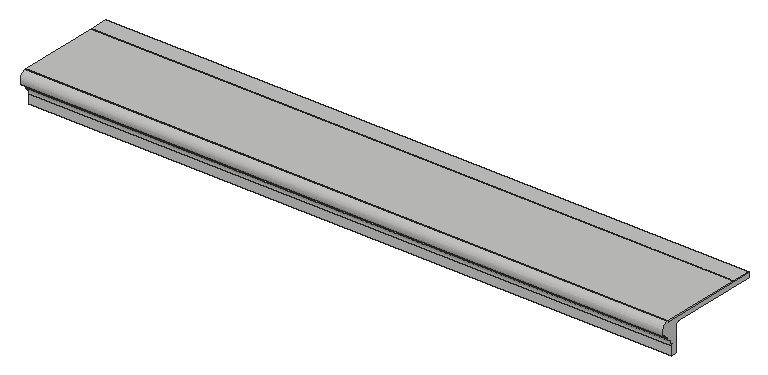
Revit family "Stair_Tread-Wooster-Cast_Nosings_Thresholds-105A", category Specialty Equipment, host Face, Revit 2017
Family settings
  Host = Face
  Round Connector Dimension = Use Diameter
  Part Type = Normal
  OmniClass Number = 23.30.70.21.11.11.11
  OmniClass Title = Stair Nosings
  Cut with Voids When Loaded = No
  Shared = No
  Room Calculation Point = No
Parameters (values of type "105A-6")
  Width = 0' - 6"
  Version = "2017 - v2.0a"  # constant formula
  URL = "http://www.wooster-products.com/"
  Support Phone = "(224) 699-9545"  # constant formula
  Support Email = "mailto:support@anguleris.com"
  Safety Tread [instance] = Filler - Wooster - Grey - Cast Tread
  Product Page URL = "http://www.woosterproducts.com/products/alumogrit-ferrogrit/cast-structural-treads/"
  Product Name = "Abrasive Cast Structural Treads"  # constant formula
  Product Documentation Link = "http://www.woosterproducts.com/spec/105A.pdf"
  Model = "105A-6"
  Material = ""
  Manufacturer Phone Number = "1-800-321-4936 or 330-264-2844"  # constant formula
  Manufacturer Fax Number = "330-262-4151"  # constant formula
  Manufacturer Email = "mailto:tim@wooster-products.com"
  Manufacturer Address = "1000 Spruce Street, P.O. BOX 6005, Wooster, OH. 44691"  # constant formula
  Manufacturer = "Wooster Productions Inc"  # constant formula
  Length Constraint [instance] = if(Length > 8' 6", 8' 6", Length)  # 3' - 0"
  Length [instance] = 3' - 0"
  Feature Strip = if(Width < 0' 5", 0' 0 1/2", if(Width = 0' 6", 0' 1", 0' 0 1/2"))  # 0' - 1"
  Description = "Anti-Slip Stair Nosing"  # constant formula
  Depth = 0' - 0 5/16"  # constant formula
  Default Elevation = 0' - 0"  # constant formula
  Copyright = "Wooster Products Inc. 2019"  # constant formula
  Construction Type = "New Construction"  # constant formula
Types (4): name | Width | Model | Feature Strip
  (no name) | 0' - 3" | "105A-3" | 0' - 0 1/2"
  105A-3 | 0' - 3" | "105A-3" | 0' - 0 1/2"
  105A-4 | 0' - 4" | "105A-4" | 0' - 0 1/2"
  105A-6 | 0' - 6" | "105A-6" | 0' - 1"
Values of the unnamed type that differ from the named types
  Support Email = ""
  Product Page URL = "http://www.wooster-products.com/Cast_Nosings_Thresholds.html"
  Product Documentation Link = "http://wooster-products.com/pub/Specs/105A.pdf"
  Manufacturer Email = ""
Reference planes (in)
  plane 1 "Center (Front/Back)": y = 0
  plane 2: z = 0
  plane 3 "Center (Left/Right)": x = 0
  plane 4 "Left": x = -18
  plane 5 "Right": x = 18
  plane 6 "Back": y = 3
  plane 7 "Front": y = -3
  plane 8 "Bottom": z = -0.29687
  plane 9: y = 2
  plane 10: z = -0.04688
  plane 11: z = 0.01563
Forms (in)
  Extrusion 1, solid, material "Filler - Wooster - Concrete"
    sketch origin (0, 0, 0) x (0, 1, 0) y (0, 0, 1)
      loop
        line (3, -0.04688) -> (-2.61191, -0.04688) -> (-2.61191, 0.01563)
        arc (-2.61191, 0.01563) -> (-3, -0.36879) -> (-2.61929, -0.76053) r 0.38811
        line (-2.61929, -0.76053) -> (-2.61929, -0.93015)
        arc (-2.61929, -0.93015) -> (-2.44635, -1.08758) -> (-2.38229, -1.3125) r 0.42692
        line (-2.38229, -1.3125) -> (-2.38229, -1.8125) -> (-2.07796, -1.8125) -> (-2.07796, -0.38905)
        arc (-2.07796, -0.38905) -> (-2.01504, -0.32173) -> (-1.9263, -0.29687) r 0.17087
        line (-1.9263, -0.29687) -> (3, -0.29687) -> (3, -0.04688)
    from -18 to 18
  Extrusion 2, solid, material "Filler - Wooster - Concrete"
    sketch origin (0, 0, 0) x (0, 1, 0) y (0, 0, 1)
      loop
        line (3, 0.01563) -> (2, 0.01563) -> (2, -0.04688) -> (3, -0.04688) -> (3, 0.01563)
    from -18 to 18
  Extrusion 3, solid, material "Filler - Wooster - Grey - Cast Tread" <- "Safety Tread"
    sketch origin (0, 0, 0) x (0, 1, 0) y (0, 0, 1)
      loop
        line (2, 0.01562) -> (-2.61191, 0.01562) -> (-2.61191, -0.04688) -> (2, -0.04688) -> (2, 0.01562)
    from -18 to 18
  Extrusion 4, void
    sketch origin (0, 0, 0) x (0, 1, 0) y (0, 0, 1)
      loop
        line (3, -0.04688) -> (-2.61191, -0.04688) -> (-2.61191, 0.01563) -> (-3, 0.01563) -> (-3, -1.8125) -> (-2.07796, -1.8125) -> (-2.07796, -0.38905)
        arc (-2.07796, -0.38905) -> (-2.01504, -0.32173) -> (-1.9263, -0.29687) r 0.17087
        line (-1.9263, -0.29687) -> (3, -0.29687) -> (3, -0.04688)
    from -18 to 18
Lines and regions (in)
  Masking region 1
    outline origin (0, 0, 0) x (1, 0, 0) y (0, 1, 0)
      loop
        line (-18, 3) -> (-18, -3) -> (18, -3) -> (18, 3) -> (-18, 3)
Dimensions and locks (in)
  equal spacing: plane 4 "Left", plane 3 "Center (Left/Right)", plane 5 "Right"
  "Length Constraint": plane 4 "Left" to plane 5 "Right"
  equal spacing: plane 7 "Front", plane 1 "Center (Front/Back)", plane 6 "Back"
  "Width": plane 7 "Front" to plane 6 "Back"
  "Feature Strip": plane 6 "Back" to plane 9
  locked: Extrusion 3 sketch curve to plane 7 "Front" at 0.38809
  "Depth": plane 11 to plane 8 "Bottom"
  locked: plane 11 to plane 10 at 0.0625
  Extrusion 1 sketch curve to Extrusion 1 sketch curve to Extrusion 1 sketch curve to Extrusion 1 sketch curve to Extrusion 1 sketch curve to Extrusion 1 sketch curve to Extrusion 1 sketch curve to plane 7 "Front" = 0' - 0.15167" locked, 0' - 0.30433" locked, 0' - 0.22961" locked, 0' - 0" locked, 0' - 0.00738" locked, 0' - 0.18993" locked, 0' - 0.19079" locked
  plane 11 to Extrusion 1 sketch curve to Extrusion 1 sketch curve to Extrusion 1 sketch curve to Extrusion 1 sketch curve = 0' - 0.38811" locked, 0' - 0.09526" locked, 0' - 0.84476" locked, 0' - 0 1/2" locked
  Extrusion 4 sketch curve to Extrusion 4 sketch curve to plane 7 "Front" = 0' - 0.15167" locked, 0' - 0.92204" locked
  plane 11 to Extrusion 4 sketch curve to Extrusion 4 sketch curve = 0' - 0.48337" locked, 0' - 1.34476" locked
  aligned and locked: plane 2 to host face
  aligned and locked: level to host face
  aligned and locked: Extrusion 1 sketch curve to plane 8 "Bottom"
  aligned and locked: Extrusion 1 to plane 4 "Left"
  aligned and locked: Extrusion 1 to plane 5 "Right"
  aligned and locked: plane 6 "Back" to Extrusion 1 sketch curve
  aligned and locked: plane 6 "Back" to Extrusion 2 sketch curve
  aligned and locked: Extrusion 2 sketch curve to plane 9
  aligned and locked: Extrusion 3 sketch curve to Extrusion 2
  aligned and locked: Extrusion 2 to plane 4 "Left"
  aligned and locked: Extrusion 3 to plane 4 "Left"
  aligned and locked: Extrusion 2 to plane 5 "Right"
  aligned and locked: Extrusion 3 to plane 5 "Right"
  aligned and locked: Masking region 1 sketch curve to plane 6 "Back"
  aligned and locked: plane 4 "Left" to Masking region 1 sketch curve
  aligned and locked: Masking region 1 sketch curve to plane 7 "Front"
  aligned and locked: plane 5 "Right" to Masking region 1 sketch curve
  aligned and locked: plane 10 to Extrusion 3 sketch curve
  aligned and locked: plane 10 to Extrusion 2 sketch curve
  aligned and locked: Extrusion 1 sketch curve to plane 10
  aligned and locked: Extrusion 2 sketch curve to plane 11
  aligned and locked: Extrusion 4 sketch curve to plane 11
  aligned and locked: Extrusion 4 sketch curve to plane 7 "Front"
Automatic sketch dimensions
  host sketch curve to host sketch curve = 8' - 0"
  host sketch curve to host sketch curve = 4' - 0"
  level to Extrusion 1 sketch curve = 0' - 0 1/64"
  Extrusion 3 sketch curve to plane 11 = 0' - 0"
  Extrusion 4 sketch curve to plane 10 = 0' - 0"
  Extrusion 4 sketch curve to plane 8 "Bottom" = 0' - 0"
  Extrusion 4 sketch curve to plane 6 "Back" = 0' - 0"
  Extrusion 4 sketch curve to plane 7 "Front" = 0' - 0.38809"
